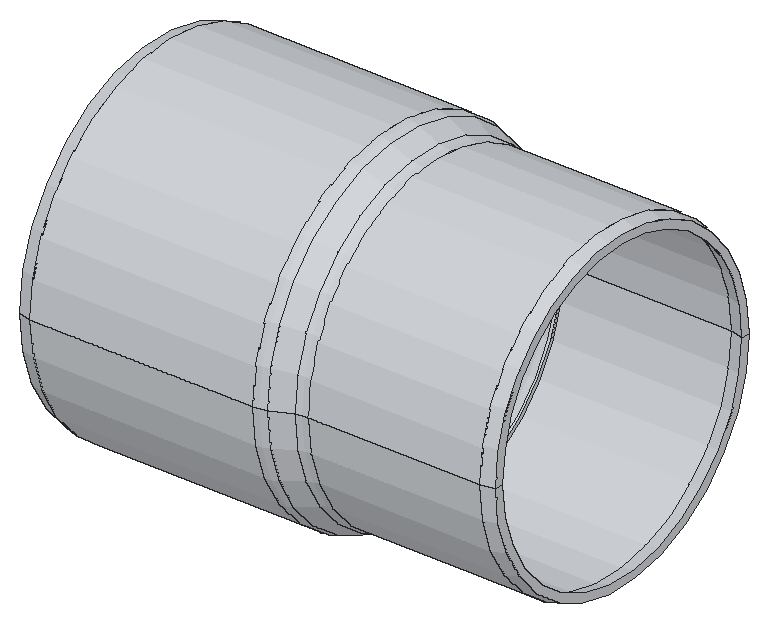
Revit family "Adaptador Pon. Esg. Pred. DN100 x Pon. Col.DN100 - Serie Normal - Esgoto - MEP - Tigre", category Pipe Fittings, Revit 2020
Family settings
  Round Connector Dimension = Use Radius
  Part Type = Union
  Work Plane-Based = No
  Always vertical = Yes
  Cut with Voids When Loaded = No
  Shared = No
Parameters (values of type "Standard")
  built-in parameter 1114242 [instance] = (empty or 0)
  URL = "http://www.tigre.com.br"
  Type Comments = ""
  Tigre: Sistema = "Esgoto"  # constant formula
  Tigre: Norma = ""
  Tigre: Material = "PVC Branco"  # constant formula
  Tigre: Marcador = "00"
  Tigre: Link do Produto = "http://www.tigre.com.br/pt/produtos_unico.php?rcr_id=4&cpr_id=10&cpr_id_pai=4&lnh_id=9&prd_id=698"
  Tigre: Linha = "Série Normal"  # constant formula
  Tigre: Fabricante = "© Tigre S/A"  # constant formula
  Tigre: Descrição [instance] = "Adap. Pon. Esg. Predial DN100 x Pon. Col. DN100, Esgoto Série Normal - TIGRE"  # constant formula
  Tigre: Código com Separador = "100.02.108.1"
  Tigre: Código [instance] = 100021081  # constant formula
  Tigre: Comentários [instance] = ""
  Representação Unifilar 2 [instance] = Diâmetro Nominal 2 * 0.2  # 20 mm
  Representação Unifilar 1 [instance] = Diâmetro Nominal 1 * 0.2  # 20.00 mm
  Raio Nominal Máximo [instance] = if(Diâmetro Nominal 1 > Diâmetro Nominal 2, Raio Nominal 1, Raio Nominal 2)  # 50 mm
  Raio Nominal 2 [instance] = Diâmetro Nominal 2 / 2  # 50 mm
  Raio Nominal 1 [instance] = Diâmetro Nominal 1 / 2  # 50 mm
  Model = ""
  Manufacturer = Tigre: Fabricante  # "© Tigre S/A"
  Loss Method = Not Defined
  K Coefficient Table = "Reducer/Coupling/Union/Increaser"
  Description = "Bucha de Redução Longa, Esgoto Série Normal - TIGRE"
  Default Elevation = 0.00 mm
  Acabamento [instance] = none
  Diâmetro Nominal 2 [instance] = 100 mm
  Diâmetro Nominal 1 [instance] = 100 mm
Reference planes
  plane 1 "Center (Front/Back)": y = 0
  plane 2: z = 0
  plane 3 "Center (Left/Right)": x = 0
  plane 4: y = 0
Forms (mm)
  Revolve 1, solid, material <- "Acabamento", detail levels fine
    sketch origin (0, 0, 0) x (1, 0, 0) y (0, 1, 0)
      loop
        line (-74.185, 53.948) -> (-74.185, 51.36) -> (-69.856, 52.52) -> (-0.014, 52.52)
        arc (-0.014, 52.52) -> (1.481, 52.371) -> (2.917, 51.93) r 7.569
        line (2.917, 51.93) -> (9.26, 49.266)
        arc (9.26, 49.266) -> (11.559, 48.559) -> (13.953, 48.32) r 12.12
        line (13.953, 48.32) -> (67.686, 48.32) -> (72.015, 47.16) -> (72.015, 49.748) -> (68.015, 50.82) -> (13.953, 50.82)
        arc (13.953, 50.82) -> (12.053, 51.009) -> (10.228, 51.571) r 9.62
        line (10.228, 51.571) -> (3.885, 54.235)
        arc (3.885, 54.235) -> (1.975, 54.822) -> (-0.014, 55.02) r 10.069
        line (-0.014, 55.02) -> (-70.185, 55.02) -> (-74.185, 53.948)
      axis (-74.185, 0) -> (72.015, 0)
    angle from 0 to 360
  Revolve 2, solid, material <- "Acabamento", detail levels fine
    sketch origin (0, 0, 0) x (1, 0, 0) y (0, 1, 0)
      loop
        line (0, 52.52) -> (-0.8, 52.52) -> (-0.8, 51.72) -> (0, 51.72) -> (0, 52.52)
      axis (-0.8, 0) -> (0.2, 0)
    angle from 0 to 360
  Revolve 3, solid, material <- "Acabamento", detail levels fine
    sketch origin (0, 0, 0) x (1, 0, 0) y (0, 1, 0)
      loop
        line (14.83, 48.32) -> (14.03, 48.32) -> (14.03, 47.52) -> (14.83, 47.52) -> (14.83, 48.32)
      axis (14.03, 0) -> (15.03, 0)
    angle from 0 to 360
Lines and regions (mm)
  model lines, style "Esgoto Série Normal - TIGRE", detail levels coarse+medium
    curve 1: line (-74.185, 12.536, 0) -> (-74.185, -9.464, 0)
    curve 2: line (-74.185, 12.536, 0) -> (72.015, 0, 0)
    curve 3: line (72.015, 10, 0) -> (72.015, -10, 0)
    curve 6: line (-74.185, -9.464, 0) -> (72.015, 0, 0)
  model lines, detail levels fine
    curve 4: circle (0, 0, 0) r 55.1 normal (1, 0, 0)
    curve 5: circle (14.03, 0, 0) r 51 normal (1, 0, 0)
    curve 7: circle (-74.185, 0, 0) r 54 normal (1, 0, 0)
    curve 8: circle (72.015, 0, 0) r 49.7 normal (1, 0, 0)
Connectors
  piping at (14.83, 0, 0), diameter 100, driven by "Raio Nominal 2"
    settings: on Revolve 3, index 1, connector inside diameter 609.6 mm, connector length 0.00 mm, flow factor 0, pipe flow 0.0 L/s, pressure drop 0.0 Pa, fitting loss kfactor 0, connector angle 0.00°, fixture units 0, engagement length 0.00 mm, angle of deflection 0.00°, flow configuration 0, flow direction 0, fitting loss method 0, system type 28, joint type 0, gender type 0, connector reference index 2, connector utility 0, adjustable connector no, is connector primary no, connector description ""
  piping at (-0.8, 0, 0), diameter 100, driven by "Raio Nominal 1"
    settings: on Revolve 2, index 2, connector inside diameter 609.6 mm, connector length 0.00 mm, flow factor 0, pipe flow 0.0 L/s, pressure drop 0.0 Pa, fitting loss kfactor 0, connector angle 0.00°, fixture units 0, engagement length 0.00 mm, angle of deflection 0.00°, flow configuration 0, flow direction 0, fitting loss method 0, system type 28, joint type 0, gender type 0, connector reference index 1, connector utility 0, adjustable connector no, is connector primary yes, connector description ""
